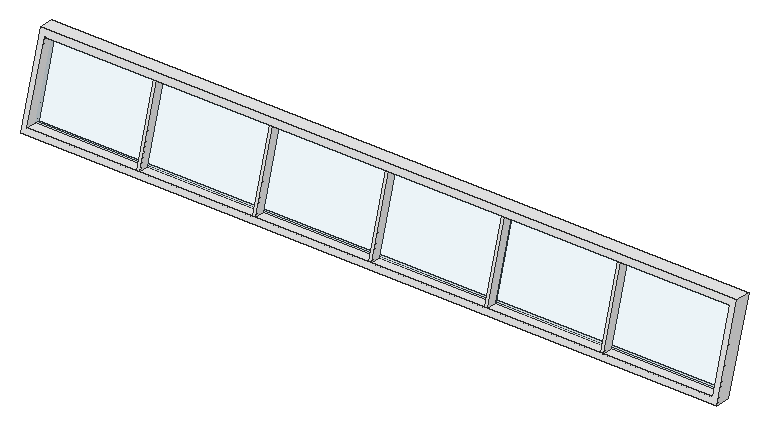
Revit family
Parameters (values of type "7500x900mm")
  창프레임 = ""
  창철물 = ""
  창유리/마감 = ""
  창위치/개소 = ""
  창부호 = "5/ACW"
  창번호 = "5"
  창기호 = "ACW"
  유리 = 유리
  프레임 = 우측 상영관 프레임
  Assembly Code = ""
  Height = 900 mm
  기본 씰 높이 = 800 mm
  Wall Closure = (empty or 0)
  Width = 7500 mm
Reference planes
  plane 1: y = 0
  plane 2 "중심(왼쪽/오른쪽)": x = 0
  plane 3 "왼쪽": x = -3750
  plane 4 "오른쪽": x = 3750
  plane 5 "씰": z = 800
  plane 6 "헤드": z = 1700
  plane 7 "외부": y = 100
  plane 8 "내부": y = -100
  plane 9: x = 2500
  plane 10: x = 1250
  plane 11: x = -1250
  plane 12: x = -2500
  plane 13: z = 1250
  plane 14: through (10500, -88.291, 416.392) normal (0, -0.9578, 0.2874)
  plane 15: z = 1640
  plane 16: z = 860
  plane 17: x = 3690
  plane 18: x = -3690
  plane 19: x = 2515
  plane 20: x = 2485
  plane 21: x = 1265
  plane 22: x = 1235
  plane 23: x = -15
  plane 24: x = 15
  plane 25: x = -1265
  plane 26: x = -1235
  plane 27: x = -2515
  plane 28: x = -2485
  plane 29: through (10500, -69.134, 410.645) normal (0, -0.9578, 0.2874)
  plane 30: through (10500, -97.869, 419.266) normal (0, -0.9578, 0.2874)
  plane 31: through (10500, -121.815, 426.45) normal (0, -0.9578, 0.2874)
  plane 32: through (10500, -208.019, 452.312) normal (0, -0.9578, 0.2874)
  plane 33: through (10500, -212.808, 453.749) normal (0, -0.9578, 0.2874)
  plane 34: x = 4050
  plane 35: x = -3990
  plane 36: z = 2000
  plane 37: z = 500
Forms (mm)
  Extrusion 1, solid, material "우측 상영관 프레임" <- "프레임"
    sketch origin (3750, 93.963, 0) x (0, -1, 0) y (0, 0, 1)
      loop
        line (-67.122, 1700) -> (-223.728, 1700) -> (46.285, 800) -> (202.891, 800) -> (-67.122, 1700)
    from 0 to 60
  Extrusion 2, solid, material "우측 상영관 프레임" <- "프레임"
    sketch origin (-3690, 93.963, 0) x (0, -1, 0) y (0, 0, 1)
      loop
        line (-67.122, 1700) -> (-223.728, 1700) -> (46.285, 800) -> (202.891, 800) -> (-67.122, 1700)
    from 0 to 60
  Extrusion 3, solid, material "유리" <- "유리"
    sketch origin (3690, 426.825, 3390.632) x (0, 0, 1) y (0, 1, 0)
      loop
        line (-1750.632, -184.558) -> (-1750.632, -158.457) -> (-2530.632, -392.468) -> (-2530.632, -418.569) -> (-1750.632, -184.558)
    from 0 to 1205
  Extrusion 4, solid, material "유리" <- "유리"
    sketch origin (2500, 426.825, 3390.632) x (0, 0, 1) y (0, 1, 0)
      loop
        line (-1750.632, -184.558) -> (-1750.632, -158.457) -> (-2530.632, -392.468) -> (-2530.632, -418.569) -> (-1750.632, -184.558)
    from 0 to 1235
  Extrusion 5, solid, material "유리" <- "유리"
    sketch origin (1250, 426.825, 3390.632) x (0, 0, 1) y (0, 1, 0)
      loop
        line (-1750.632, -184.558) -> (-1750.632, -158.457) -> (-2530.632, -392.468) -> (-2530.632, -418.569) -> (-1750.632, -184.558)
    from 0 to 1250
  Extrusion 6, solid, material "유리" <- "유리"
    sketch origin (-3690, 426.825, 3390.632) x (0, 0, 1) y (0, -1, 0)
      loop
        line (-1750.632, 184.558) -> (-2530.632, 418.569) -> (-2530.632, 392.468) -> (-1750.632, 158.457) -> (-1750.632, 184.558)
    from 0 to 1175
  Extrusion 7, solid, material "유리" <- "유리"
    sketch origin (-2500, 426.825, 3390.632) x (0, 0, 1) y (0, -1, 0)
      loop
        line (-1750.632, 184.558) -> (-2530.632, 418.569) -> (-2530.632, 392.468) -> (-1750.632, 158.457) -> (-1750.632, 184.558)
    from 0 to 1235
  Extrusion 8, solid, material "유리" <- "유리"
    sketch origin (-1250, 426.825, 3390.632) x (0, 0, 1) y (0, -1, 0)
      loop
        line (-1750.632, 184.558) -> (-2530.632, 418.569) -> (-2530.632, 392.468) -> (-1750.632, 158.457) -> (-1750.632, 184.558)
    from 0 to 1235
  Extrusion 9, solid, material "우측 상영관 프레임" <- "프레임"
    sketch origin (3690, 358.963, 3390.632) x (0, 0, 1) y (0, 1, 0)
      loop
        line (-1690.632, -197.878) -> (-1690.632, -41.272) -> (-1750.632, -59.273) -> (-1750.632, -215.879) -> (-1690.632, -197.878)
    from -60 to 7380
  Extrusion 10, solid, material "우측 상영관 프레임" <- "프레임"
    sketch origin (3690, 106.951, 2550.632) x (0, 0, 1) y (0, 1, 0)
      loop
        line (-1690.632, -197.878) -> (-1690.632, -41.272) -> (-1750.632, -59.273) -> (-1750.632, -215.879) -> (-1690.632, -197.878)
    from -60 to 7380
  Extrusion 11, solid, material "우측 상영관 프레임" <- "프레임"
    sketch origin (3690, 306.761, 3390.632) x (0, 0, 1) y (0, 1, 0)
      loop
        line (-1750.632, -158.457) -> (-1750.632, -64.494) -> (-2530.632, -298.505) -> (-2530.632, -392.468) -> (-1750.632, -158.457)
    from 1175 to 1205
  Extrusion 12, solid, material "우측 상영관 프레임" <- "프레임"
    sketch origin (2440, 306.761, 3390.632) x (0, 0, 1) y (0, 1, 0)
      loop
        line (-1750.632, -158.457) -> (-1750.632, -64.494) -> (-2530.632, -298.505) -> (-2530.632, -392.468) -> (-1750.632, -158.457)
    from 1175 to 1205
  Extrusion 13, solid, material "우측 상영관 프레임" <- "프레임"
    sketch origin (1190, 306.761, 3390.632) x (0, 0, 1) y (0, 1, 0)
      loop
        line (-1750.632, -158.457) -> (-1750.632, -64.494) -> (-2530.632, -298.505) -> (-2530.632, -392.468) -> (-1750.632, -158.457)
    from 1175 to 1205
  Extrusion 14, solid, material "우측 상영관 프레임" <- "프레임"
    sketch origin (-60, 306.761, 3390.632) x (0, 0, 1) y (0, 1, 0)
      loop
        line (-1750.632, -158.457) -> (-1750.632, -64.494) -> (-2530.632, -298.505) -> (-2530.632, -392.468) -> (-1750.632, -158.457)
    from 1175 to 1205
  Extrusion 15, solid, material "우측 상영관 프레임" <- "프레임"
    sketch origin (-1310, 306.761, 3390.632) x (0, 0, 1) y (0, 1, 0)
      loop
        line (-1750.632, -158.457) -> (-1750.632, -64.494) -> (-2530.632, -298.505) -> (-2530.632, -392.468) -> (-1750.632, -158.457)
    from 1175 to 1205
Cuts and joins
  joined: Extrusion 1, Extrusion 2, Extrusion 9, Extrusion 10, Extrusion 11, Extrusion 12, Extrusion 13, Extrusion 14, Extrusion 15
Lines and regions (mm)
  Opening 1
    outline origin (3500, -100, 0) x (1, 0, 0) y (0, 0, 1)
      loop
        line (250, 800) -> (250, 1700) -> (-7250, 1700) -> (-7250, 800) -> (250, 800)
  symbolic lines, style "WindowsOpeningProjection"
    curve 1: line (3755, 100, 795) -> (3755, 100, 1705)
    curve 2: line (3750, 100, 500) -> (3750, 100, 2000)
    curve 3: line (3745, 100, 805) -> (3745, 100, 1695)
    curve 4: line (4050, 100, 1700) -> (-3990, 100, 1700)
    curve 5: line (3755, 100, 1705) -> (-3755, 100, 1705)
    curve 6: line (3745, 100, 1695) -> (-3745, 100, 1695)
    curve 7: line (-3755, 100, 795) -> (-3755, 100, 1705)
    curve 8: line (-3750, 100, 500) -> (-3750, 100, 2000)
    curve 9: line (-3745, 100, 805) -> (-3745, 100, 1695)
    curve 10: line (4050, 100, 800) -> (-3990, 100, 800)
    curve 11: line (3755, 100, 795) -> (-3755, 100, 795)
    curve 12: line (3745, 100, 805) -> (-3745, 100, 805)
Text (mm)
  text "외부" at (-1963.203, 1332.353, 0), in view "참조 레벨"
  text "내부" at (-1981.466, -818.386, 0), in view "참조 레벨"
  text "외부" at (0, 923.751, 2943.296), in view "오른쪽"
  text "외부" at (0, 1040.484, 2685.409), in view "왼쪽"
Dimensions and locks
  equal spacing: plane 3 "왼쪽", plane 2 "중심(왼쪽/오른쪽)", plane 4 "오른쪽"
  "Width": plane 3 "왼쪽" to plane 4 "오른쪽"
  "Height": plane 5 "씰" to plane 6 "헤드"
  "기본 씰 높이": plane 5 "씰" to level
  locked: plane 7 "외부" to host wall at 0
  locked: plane 8 "내부" to host wall
  equal spacing: plane 5 "씰", plane 13, plane 6 "헤드"
  curve 6 to curve 4 to curve 5 = 5 mm locked, 5 mm locked
  curve 3 to curve 2 to curve 1 = 5 mm locked, 5 mm locked
  curve 9 to curve 8 to curve 7 = 5 mm locked, 5 mm locked
  curve 12 to curve 10 to curve 11 = 5 mm locked, 5 mm locked
  locked: plane 5 "씰" to plane 16 at 60
  locked: plane 15 to plane 6 "헤드" at 60
  locked: plane 17 to plane 4 "오른쪽" at 60
  locked: plane 3 "왼쪽" to plane 18 at 60
  plane 28 to plane 12 to plane 27 = 15 mm locked, 15 mm locked
  equal spacing: plane 3 "왼쪽", plane 12, plane 11, plane 2 "중심(왼쪽/오른쪽)"
  equal spacing: plane 2 "중심(왼쪽/오른쪽)", plane 10, plane 9, plane 4 "오른쪽"
  plane 26 to plane 11 to plane 25 = 15 mm locked, 15 mm locked
  plane 24 to plane 2 "중심(왼쪽/오른쪽)" to plane 23 = 15 mm locked, 15 mm locked
  plane 22 to plane 10 to plane 21 = 15 mm locked, 15 mm locked
  plane 20 to plane 9 to plane 19 = 15 mm locked, 15 mm locked
  locked: plane 6 "헤드" to plane 29 (angle 73.30°)
  locked: plane 33 to host wall (angle 16.70°)
  aligned and locked: plane 17 to Extrusion 1
  aligned and locked: plane 29 to Extrusion 1 sketch curve
  aligned and locked: Extrusion 1 sketch curve to plane 33
  aligned and locked: Extrusion 1 sketch curve to plane 5 "씰"
  aligned and locked: plane 6 "헤드" to Extrusion 1 sketch curve
  aligned and locked: plane 29 to Extrusion 9 sketch curve
  aligned and locked: plane 6 "헤드" to Extrusion 9 sketch curve
  aligned and locked: Extrusion 9 sketch curve to plane 15
  aligned and locked: Extrusion 9 sketch curve to cut or joined group 1 (Extrusion 1, Extrusion 2, Extrusion 9, Extrusion 10, Extrusion 11, Extrusion 12, Extrusion 13, Extrusion 14, Extrusion 15)
  aligned and locked: plane 29 to Extrusion 10 sketch curve
  aligned and locked: plane 16 to Extrusion 10 sketch curve
  aligned and locked: Extrusion 10 sketch curve to plane 5 "씰"
  aligned and locked: plane 33 to Extrusion 10 sketch curve
  aligned and locked: plane 18 to Extrusion 10
  aligned and locked: Extrusion 2 to plane 18
  aligned and locked: plane 18 to Extrusion 9
  aligned and locked: Extrusion 3 to plane 17
  aligned and locked: cut or joined group 1 to plane 4 "오른쪽"  (x3)
  aligned and locked: cut or joined group 1 to plane 27
  aligned and locked: plane 28 to cut or joined group 1
  aligned and locked: plane 27 to cut or joined group 1  (x2)
  aligned and locked: cut or joined group 1 to plane 28  (x2)
  aligned and locked: plane 3 "왼쪽" to cut or joined group 1
  aligned and locked: cut or joined group 1 to plane 21
  aligned and locked: plane 22 to cut or joined group 1
  aligned and locked: plane 24 to cut or joined group 1
  aligned and locked: plane 23 to Extrusion 8
  aligned and locked: plane 20 to cut or joined group 1
  aligned and locked: cut or joined group 1 to plane 19
  aligned and locked: cut or joined group 1 to plane 25
  aligned and locked: plane 26 to cut or joined group 1
  aligned and locked: Extrusion 8 to plane 11
  aligned and locked: Extrusion 5 to plane 2 "중심(왼쪽/오른쪽)"
  aligned and locked: Extrusion 5 to plane 10
  aligned and locked: Extrusion 4 to plane 9
  aligned and locked: Extrusion 7 to plane 12
  aligned and locked: plane 27 to Extrusion 6
  aligned and locked: plane 25 to Extrusion 7
  aligned and locked: plane 21 to Extrusion 4
  aligned and locked: plane 20 to Extrusion 3
  aligned and locked: plane 18 to Extrusion 6
Automatic sketch dimensions
  Opening 1 sketch curve to plane 3 "왼쪽" = 0 mm
  Opening 1 sketch curve to plane 4 "오른쪽" = 0 mm
  Opening 1 sketch curve to plane 5 "씰" = 0 mm
  Opening 1 sketch curve to plane 6 "헤드" = 0 mm
  Extrusion 2 sketch curve to plane 6 "헤드" = 0 mm
  Extrusion 2 sketch curve to plane 29 = 0 mm  (x2)
  Extrusion 2 sketch curve to plane 33 = 0 mm  (x2)
  Extrusion 2 sketch curve to plane 5 "씰" = 0 mm
  Extrusion 3 sketch curve to plane 16 = 0 mm
  Extrusion 3 sketch curve to plane 15 = 0 mm
  Extrusion 3 sketch curve to plane 31 = 0 mm  (x2)
  Extrusion 3 sketch curve to plane 30 = 0 mm  (x2)
  Extrusion 4 sketch curve to plane 16 = 0 mm
  Extrusion 4 sketch curve to plane 15 = 0 mm
  Extrusion 4 sketch curve to plane 31 = 0 mm  (x2)
  Extrusion 4 sketch curve to plane 30 = 0 mm  (x2)
  Extrusion 5 sketch curve to plane 16 = 0 mm
  Extrusion 5 sketch curve to plane 15 = 0 mm
  Extrusion 5 sketch curve to plane 31 = 0 mm  (x2)
  Extrusion 5 sketch curve to plane 30 = 0 mm  (x2)
  Extrusion 6 sketch curve to plane 16 = 0 mm
  Extrusion 6 sketch curve to plane 15 = 0 mm
  Extrusion 6 sketch curve to plane 30 = 0 mm  (x2)
  Extrusion 6 sketch curve to plane 31 = 0 mm  (x2)
  Extrusion 7 sketch curve to plane 16 = 0 mm
  Extrusion 7 sketch curve to plane 15 = 0 mm
  Extrusion 7 sketch curve to plane 30 = 0 mm  (x2)
  Extrusion 7 sketch curve to plane 31 = 0 mm  (x2)
  Extrusion 8 sketch curve to plane 16 = 0 mm
  Extrusion 8 sketch curve to plane 15 = 0 mm
  Extrusion 8 sketch curve to plane 30 = 0 mm  (x2)
  Extrusion 8 sketch curve to plane 31 = 0 mm  (x2)
  Extrusion 11 sketch curve to plane 16 = 0 mm
  Extrusion 11 sketch curve to plane 15 = 0 mm
  Extrusion 11 sketch curve to plane 32 = 0 mm  (x2)
  Extrusion 11 sketch curve to plane 31 = 0 mm  (x2)
  Extrusion 12 sketch curve to plane 16 = 0 mm
  Extrusion 12 sketch curve to plane 15 = 0 mm
  Extrusion 12 sketch curve to plane 32 = 0 mm  (x2)
  Extrusion 12 sketch curve to plane 31 = 0 mm  (x2)
  Extrusion 13 sketch curve to plane 16 = 0 mm
  Extrusion 13 sketch curve to plane 15 = 0 mm
  Extrusion 13 sketch curve to plane 32 = 0 mm  (x2)
  Extrusion 13 sketch curve to plane 31 = 0 mm  (x2)
  Extrusion 14 sketch curve to plane 16 = 0 mm
  Extrusion 14 sketch curve to plane 15 = 0 mm
  Extrusion 14 sketch curve to plane 32 = 0 mm  (x2)
  Extrusion 14 sketch curve to plane 31 = 0 mm  (x2)
  Extrusion 15 sketch curve to plane 16 = 0 mm
  Extrusion 15 sketch curve to plane 15 = 0 mm
  Extrusion 15 sketch curve to plane 32 = 0 mm  (x2)
  Extrusion 15 sketch curve to plane 31 = 0 mm  (x2)
  curve 10 to plane 35 = 0 mm
  curve 4 to plane 6 "헤드" = 0 mm
  curve 4 to plane 35 = 0 mm
  curve 8 to plane 3 "왼쪽" = 0 mm
  curve 2 to plane 4 "오른쪽" = 0 mm
  curve 10 to plane 34 = 0 mm
  curve 4 to plane 34 = 0 mm
  curve 2 to plane 37 = 0 mm
  curve 8 to plane 37 = 0 mm
  curve 8 to plane 36 = 0 mm
  curve 2 to plane 36 = 0 mm
  curve 10 to plane 5 "씰" = 0 mm
